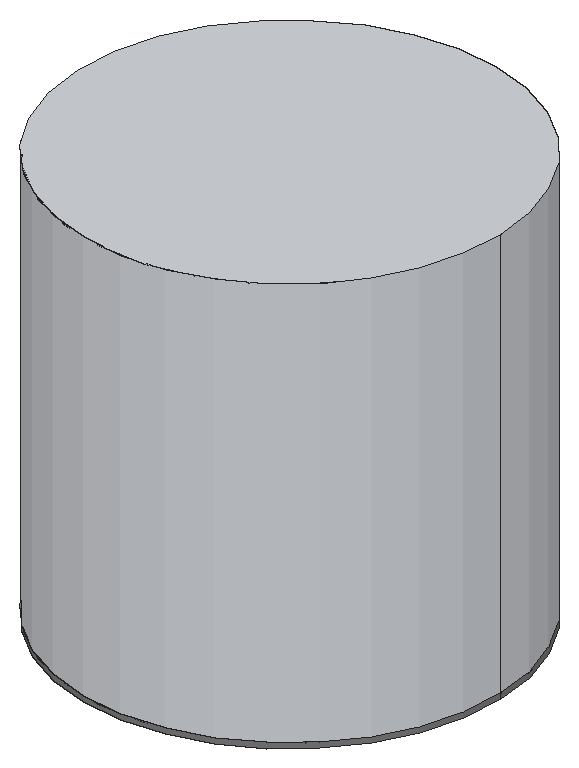
Revit family "Recessed Downlight Face Based", category Lighting Fixtures, Revit 2019
Family settings
  Round Connector Dimension = Use Diameter
  Part Type = Normal
  OmniClass Number = 23.80.70.00
  OmniClass Title = Lighting
  Work Plane-Based = Yes
  Always vertical = No
  Cut with Voids When Loaded = No
  Light Source = Yes
  Shared = No
  Room Calculation Point = No
Parameters (values of type "D2.2 Panos Infinity 16W Gib")
  Wattage Comments = "19.4"
  Wattage = 13.0603 W
  built-in parameter 1150110 = 1 (stored number, unit not read)
  URL = ""
  Type Comments = "D2.2"
  built-in parameter 1114217 = 0.8 (stored number, unit not read)
  Tilt Angle = 90.00°
  built-in parameter 1150109 = 1 (stored number, unit not read)
  built-in parameter 1150134 = 12
  built-in parameter 1150113 = 1 (stored number, unit not read)
  Photometric Web File = "DOT9738C-30-A930.IES"
  PRL_LTGSchedule_Output = "16W LED\r\n1940 lm"
  PRL_LTGSchedule_Manufacturer = "Zumtobel"
  PRL_LTGSchedule_Lifetime = "5 years"
  PRL_LTGSchedule_Installation = "Recessed in Plaster/Gib Ceiling"
  PRL_LTGSchedule_Description = "Recessed 100mm deep down-light with white trim, CRI = 90+ LEDs, smooth optic, IP54 transparent attachment."
  PRL_LTGSchedule_Control = "Fixed output ECG"
  PRL_LTGSchedule_Classification = ""
  PRL_LTGSchedule_CatNo = "Panos Infinity\r\nE200 LG LED"
  PRL_LTGSchedule_CCT = "4000K\r\nCRI=90+"
  PRL_LTGSchedule_Accessories = ""
  PRL_AppearsInSchedule = yes
  built-in parameter 1150142 = "IESNA:LM-63-2002\r\n[TEST] Test report No. LL17053\r\n[TESTLAB] LightLab International \r\n[ISSUEDATE] Monday, 21 October 2013 1:37:49 PM\r\n[MANUFAC] Nimbus Lighting Group Ltd.,\r\n[MORE] Auckland. 1061. New Zealand.\r\n[LUMCAT] DOT9738C/30/A930.\r\n[LUMINAIRE] Nimbus Lighting LED Downlight. \r\n[MORE] Aluminium radially finned heat sink, 137 mm dia. x 80 mm deep, black finish.\r\n[MORE] White fascia with twist-lock ceiling plate, connected to heat sink by two black plastic arms.\r\n[MORE] One “CREE CXA” LED 92 mm above L/O of 120 mm. Wide-beam multi-faceted textured reflector.\r\n[MORE] One Remote Tridonic LCI 20W 350mA TEC SR LED driver 220-240 V 50/60 Hz.\r\n[MORE] Tested at 240 V / 50 Hz.\r\n[OTHER] Absolute test - lamp lumens value set to -1\r\n[MORE] NA conventions used for C0 plane alignment and C-plane rotation direction.\r\n[MORE] The sample was tested at a distance of 8m.\r\n[MORE] This IES file created by LightLab/LSA Report program version 3.803a.\r\nTILT=NONE\r\n1 -1 1 91 1 1 2 -0.12 -0.12 0\r\n1 1 13.583\r\n0 1 2 3 4 5 6 7 8 9 10 11 12 13 14 15 16 17 18 19 20 21 22 23 24 25 26 27 28 29 30 31 32 33 34 35 36 37 38 39 40 41 42 43 44 45 46 47 48 49 50 51 52 53 54 55 56 57 58 59 60 61 62 63 64 65 66 67 68 69 70 71 72 73 74 75 76 77 78 79 80 81 82 83 84 85 86 87 \r\n88 89 90\r\n0\r\n739.50 738.70 736.06 731.60 726.24 719.96 712.76 705.71 699.03 692.71 687.07 682.46 678.74 676.13 674.46 673.15 672.47 672.03 671.54 670.36 669.31 669.87 671.53 673.94 676.34 678.93 681.58 683.95 684.60 677.56 652.42 610.91 567.60 514.93 469.64 420.97 \r\n374.03 339.48 321.17 313.96 305.73 288.72 272.91 260.34 246.91 233.20 218.55 202.73 186.27 170.43 153.95 139.68 122.85 107.42 90.21 71.68 55.81 41.44 31.18 24.13 18.46 15.01 12.45 10.72 9.31 8.30 7.42 6.85 6.22 5.81 5.44 5.18 4.89 4.70 4.51 4.26 3.99 3.99\r\n 3.85 3.74 3.74 3.58 3.57 3.44 3.22 3.03 2.67 2.47 1.93 0.66 0.00\r\n"
  Manufacturer = ""
  Lumens = 1940 lm
  built-in parameter 1150115 = 1 (stored number, unit not read)
  built-in parameter 1150105 = 154.38 (stored number, unit not read)
  built-in parameter 1150137 = (empty or 0)
  built-in parameter 1150139 = (empty or 0)
  built-in parameter 1150112 = 1 (stored number, unit not read)
  built-in parameter 1150114 = 1 (stored number, unit not read)
  Lamp = "1"
  built-in parameter 1150132 = 2
  built-in parameter 1150102 = (empty or 0)
  built-in parameter 1150138 = (empty or 0)
  built-in parameter 1150107 = 4000 (stored number, unit not read)
  built-in parameter 1150106 = 1.5438 (stored number, unit not read)
  Family Revision = 4
  Emit from Circle Diameter = 155 mm
  Emit Shape Visible in Rendering = no
  built-in parameter 1150104 = 13.8 (stored number, unit not read)
  Dimming Lamp Color Temperature Shift = <None>
  Diameter = 155 mm
  Description = ""
  Depth = 146 mm
  Default Elevation = 0 mm
  Color Filter = 16777215
  built-in parameter 1114218 = 1 (stored number, unit not read)
  built-in parameter 1150133 = 10 (stored number, unit not read)
  Arm length = Diameter * 2  # 310 mm
  Apparent Load = 13.8 VA
Reference planes
  plane 1 "Light Source Axis (F/B)": y = 0
  plane 2: z = 0
  plane 3 "Light Source Axis (L/R)": x = 0
  plane 4 "Light Source Elevation": z = -7
Forms (mm)
  Extrusion 1, solid, material "Default Light Source Text2", detail levels medium+fine
    sketch origin (0, 0, 0) x (1, 0, 0) y (0, 1, 0)
      loop
        circle (0, 0) r 77.5
    from -7 to -5
  Extrusion 2, solid, detail levels medium+fine
    sketch origin (0, 0, 0) x (1, 0, 0) y (0, 1, 0)
      loop
        circle (0, 0) r 77.5
    from -5 to 146 <- "Depth"
Dimensions and locks
  "Diameter": diameter of Extrusion 2 sketch curve
  "Diameter": diameter of Extrusion 1 sketch curve
  aligned and locked: plane 4 "Light Source Elevation" to imposter light
  aligned and locked: level to plane 2
  aligned and locked: imposter light to Extrusion 1
Automatic sketch dimensions
  plane 1 "Light Source Axis (F/B)" to Extrusion 1 sketch curve = 0 mm
  Extrusion 1 sketch curve to plane 3 "Light Source Axis (L/R)" = 0 mm
  plane 1 "Light Source Axis (F/B)" to Extrusion 2 sketch curve = 0 mm
  Extrusion 2 sketch curve to plane 3 "Light Source Axis (L/R)" = 0 mm
Connectors
  electrical at (0, 0, -5), driven by "Apparent Load"
    settings: on Extrusion 1, index 1, voltage 230 V, apparent load 0 VA, apparent load phase1 13.8 VA, apparent load phase2 0 VA, apparent load phase3 0 VA, power factor 1, load classification "Lighting", number of poles 1, system type 31, power factor state 1, is connector primary yes, connector utility no, sub classification motor no, connector description ""
Types (12, lengths in mm): name | Wattage | Type Comments | built-in parameter 1114217 | Photometric Web File | PRL_LTGSchedule_Output | PRL_LTGSchedule_Manufacturer | PRL_LTGSchedule_Lifetime | PRL_LTGSchedule_Installation | PRL_LTGSchedule_Description | PRL_LTGSchedule_Control | PRL_LTGSchedule_CatNo | PRL_LTGSchedule_CCT | PRL_LTGSchedule_Accessories | built-in parameter 1150142 | Manufacturer | Lumens | built-in parameter 1150105 | built-in parameter 1150106 | Description
  D3.1 Panos Infinity 32W T-Rail | 17.6516 W | "D3.1" | 0.8 (stored number, unit not read) | "DOT9738C-30-A930.IES" | "" | "" | "" | "" | "" | "" | "" | "" | "" | "IESNA:LM-63-2002\r\n[TEST] Test report No. LL17053\r\n[TESTLAB] LightLab International \r\n[ISSUEDATE] Monday, 21 October 2013 1:37:49 PM\r\n[MANUFAC] Nimbus Lighting Group Ltd.,\r\n[MORE] Auckland. 1061. New Zealand.\r\n[LUMCAT] DOT9738C/30/A930.\r\n[LUMINAIRE] Nimbus Lighting LED Downlight. \r\n[MORE] Aluminium radially finned heat sink, 137 mm dia. x 80 mm deep, black finish.\r\n[MORE] White fascia with twist-lock ceiling plate, connected to heat sink by two black plastic arms.\r\n[MORE] One “CREE CXA” LED 92 mm above L/O of 120 mm. Wide-beam multi-faceted textured reflector.\r\n[MORE] One Remote Tridonic LCI 20W 350mA TEC SR LED driver 220-240 V 50/60 Hz.\r\n[MORE] Tested at 240 V / 50 Hz.\r\n[OTHER] Absolute test - lamp lumens value set to -1\r\n[MORE] NA conventions used for C0 plane alignment and C-plane rotation direction.\r\n[MORE] The sample was tested at a distance of 8m.\r\n[MORE] This IES file created by LightLab/LSA Report program version 3.803a.\r\nTILT=NONE\r\n1 -1 1 91 1 1 2 -0.12 -0.12 0\r\n1 1 13.583\r\n0 1 2 3 4 5 6 7 8 9 10 11 12 13 14 15 16 17 18 19 20 21 22 23 24 25 26 27 28 29 30 31 32 33 34 35 36 37 38 39 40 41 42 43 44 45 46 47 48 49 50 51 52 53 54 55 56 57 58 59 60 61 62 63 64 65 66 67 68 69 70 71 72 73 74 75 76 77 78 79 80 81 82 83 84 85 86 87 \r\n88 89 90\r\n0\r\n739.50 738.70 736.06 731.60 726.24 719.96 712.76 705.71 699.03 692.71 687.07 682.46 678.74 676.13 674.46 673.15 672.47 672.03 671.54 670.36 669.31 669.87 671.53 673.94 676.34 678.93 681.58 683.95 684.60 677.56 652.42 610.91 567.60 514.93 469.64 420.97 \r\n374.03 339.48 321.17 313.96 305.73 288.72 272.91 260.34 246.91 233.20 218.55 202.73 186.27 170.43 153.95 139.68 122.85 107.42 90.21 71.68 55.81 41.44 31.18 24.13 18.46 15.01 12.45 10.72 9.31 8.30 7.42 6.85 6.22 5.81 5.44 5.18 4.89 4.70 4.51 4.26 3.99 3.99\r\n 3.85 3.74 3.74 3.58 3.57 3.44 3.22 3.03 2.67 2.47 1.93 0.66 0.00\r\n" | "C" | 2622 lm | 208.65 (stored number, unit not read) | 2.0865 (stored number, unit not read) | "C"
  D52.10 ELS ADL110 XTM 16.5W Vaneered Paneling 3000K | 8.65749 W | "D52.10" | 0.95 (stored number, unit not read) | "DOT9738C-30-A930.IES" | "" | "" | "" | "" | "" | "" | "" | "" | "" | "IESNA:LM-63-2002\r\n[TEST] Test report No. LL17053\r\n[TESTLAB] LightLab International \r\n[ISSUEDATE] Monday, 21 October 2013 1:37:49 PM\r\n[MANUFAC] Nimbus Lighting Group Ltd.,\r\n[MORE] Auckland. 1061. New Zealand.\r\n[LUMCAT] DOT9738C/30/A930.\r\n[LUMINAIRE] Nimbus Lighting LED Downlight. \r\n[MORE] Aluminium radially finned heat sink, 137 mm dia. x 80 mm deep, black finish.\r\n[MORE] White fascia with twist-lock ceiling plate, connected to heat sink by two black plastic arms.\r\n[MORE] One “CREE CXA” LED 92 mm above L/O of 120 mm. Wide-beam multi-faceted textured reflector.\r\n[MORE] One Remote Tridonic LCI 20W 350mA TEC SR LED driver 220-240 V 50/60 Hz.\r\n[MORE] Tested at 240 V / 50 Hz.\r\n[OTHER] Absolute test - lamp lumens value set to -1\r\n[MORE] NA conventions used for C0 plane alignment and C-plane rotation direction.\r\n[MORE] The sample was tested at a distance of 8m.\r\n[MORE] This IES file created by LightLab/LSA Report program version 3.803a.\r\nTILT=NONE\r\n1 -1 1 91 1 1 2 -0.12 -0.12 0\r\n1 1 13.583\r\n0 1 2 3 4 5 6 7 8 9 10 11 12 13 14 15 16 17 18 19 20 21 22 23 24 25 26 27 28 29 30 31 32 33 34 35 36 37 38 39 40 41 42 43 44 45 46 47 48 49 50 51 52 53 54 55 56 57 58 59 60 61 62 63 64 65 66 67 68 69 70 71 72 73 74 75 76 77 78 79 80 81 82 83 84 85 86 87 \r\n88 89 90\r\n0\r\n739.50 738.70 736.06 731.60 726.24 719.96 712.76 705.71 699.03 692.71 687.07 682.46 678.74 676.13 674.46 673.15 672.47 672.03 671.54 670.36 669.31 669.87 671.53 673.94 676.34 678.93 681.58 683.95 684.60 677.56 652.42 610.91 567.60 514.93 469.64 420.97 \r\n374.03 339.48 321.17 313.96 305.73 288.72 272.91 260.34 246.91 233.20 218.55 202.73 186.27 170.43 153.95 139.68 122.85 107.42 90.21 71.68 55.81 41.44 31.18 24.13 18.46 15.01 12.45 10.72 9.31 8.30 7.42 6.85 6.22 5.81 5.44 5.18 4.89 4.70 4.51 4.26 3.99 3.99\r\n 3.85 3.74 3.74 3.58 3.57 3.44 3.22 3.03 2.67 2.47 1.93 0.66 0.00\r\n" | "" | 1286 lm | 102.34 (stored number, unit not read) | 1.0234 (stored number, unit not read) | ""
  D51.10 ELS ADL110 XTM 16.5W Vaneered Paneling 4000K | 8.65749 W | "D51.10" | 0.95 (stored number, unit not read) | "DOT9738C-30-A930.IES" | "" | "" | "" | "" | "" | "" | "" | "" | "" | "IESNA:LM-63-2002\r\n[TEST] Test report No. LL17053\r\n[TESTLAB] LightLab International \r\n[ISSUEDATE] Monday, 21 October 2013 1:37:49 PM\r\n[MANUFAC] Nimbus Lighting Group Ltd.,\r\n[MORE] Auckland. 1061. New Zealand.\r\n[LUMCAT] DOT9738C/30/A930.\r\n[LUMINAIRE] Nimbus Lighting LED Downlight. \r\n[MORE] Aluminium radially finned heat sink, 137 mm dia. x 80 mm deep, black finish.\r\n[MORE] White fascia with twist-lock ceiling plate, connected to heat sink by two black plastic arms.\r\n[MORE] One “CREE CXA” LED 92 mm above L/O of 120 mm. Wide-beam multi-faceted textured reflector.\r\n[MORE] One Remote Tridonic LCI 20W 350mA TEC SR LED driver 220-240 V 50/60 Hz.\r\n[MORE] Tested at 240 V / 50 Hz.\r\n[OTHER] Absolute test - lamp lumens value set to -1\r\n[MORE] NA conventions used for C0 plane alignment and C-plane rotation direction.\r\n[MORE] The sample was tested at a distance of 8m.\r\n[MORE] This IES file created by LightLab/LSA Report program version 3.803a.\r\nTILT=NONE\r\n1 -1 1 91 1 1 2 -0.12 -0.12 0\r\n1 1 13.583\r\n0 1 2 3 4 5 6 7 8 9 10 11 12 13 14 15 16 17 18 19 20 21 22 23 24 25 26 27 28 29 30 31 32 33 34 35 36 37 38 39 40 41 42 43 44 45 46 47 48 49 50 51 52 53 54 55 56 57 58 59 60 61 62 63 64 65 66 67 68 69 70 71 72 73 74 75 76 77 78 79 80 81 82 83 84 85 86 87 \r\n88 89 90\r\n0\r\n739.50 738.70 736.06 731.60 726.24 719.96 712.76 705.71 699.03 692.71 687.07 682.46 678.74 676.13 674.46 673.15 672.47 672.03 671.54 670.36 669.31 669.87 671.53 673.94 676.34 678.93 681.58 683.95 684.60 677.56 652.42 610.91 567.60 514.93 469.64 420.97 \r\n374.03 339.48 321.17 313.96 305.73 288.72 272.91 260.34 246.91 233.20 218.55 202.73 186.27 170.43 153.95 139.68 122.85 107.42 90.21 71.68 55.81 41.44 31.18 24.13 18.46 15.01 12.45 10.72 9.31 8.30 7.42 6.85 6.22 5.81 5.44 5.18 4.89 4.70 4.51 4.26 3.99 3.99\r\n 3.85 3.74 3.74 3.58 3.57 3.44 3.22 3.03 2.67 2.47 1.93 0.66 0.00\r\n" | "" | 1286 lm | 102.34 (stored number, unit not read) | 1.0234 (stored number, unit not read) | ""
